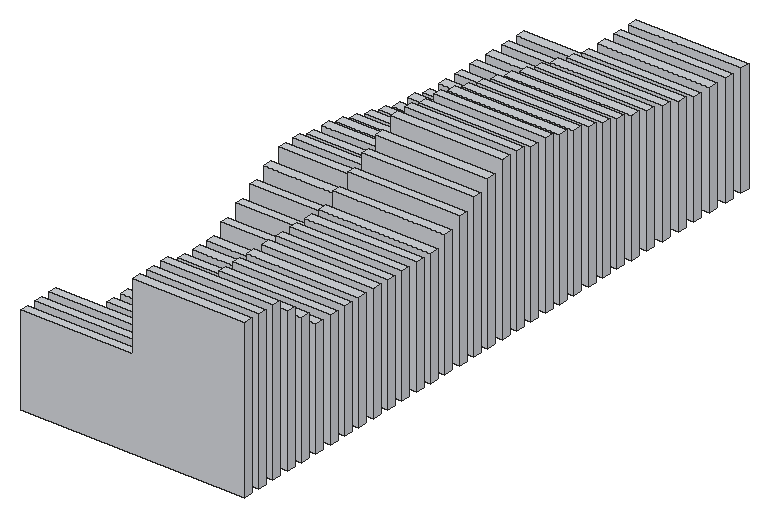
Revit family
Parameters (values of type "provaDevoto1")
  metà spessore = 20 mm
  metà larghezza = 500 mm
  VarH [instance] = 20 mm
  Materiale = Default
  HIncr4 [instance] = HIncr3 + VarH  # 720 mm
  HIncr3 [instance] = HIncr2 + VarH  # 700 mm
  HIncr2 [instance] = HIncr1 + VarH  # 680 mm
  HIncr1 [instance] = H + VarH  # 660 mm
  H4 [instance] = H3e - VarH  # 500 mm
  H3e [instance] = H3d - VarH  # 520 mm
  H3d [instance] = H3c - VarH  # 540 mm
  H3c [instance] = H3b - VarH  # 560 mm
  H [instance] = 640 mm
  Assembly Code = ""
  H3b [instance] = H3a - VarH  # 580 mm
  H2 [instance] = H - VarH  # 620 mm
  H3a [instance] = H2 - VarH  # 600 mm
Reference planes
  plane 1 "Centro (Fronte/Retro)": y = 0
  plane 2: z = 0
  plane 3 "Centro (Sinistra/Destra)": x = 0
  plane 4: y = 20
  plane 5: y = -20
  plane 6: x = -500
  plane 7: x = 500
Forms (mm)
  Sweep 1, solid
    path origin (0, 0, 0) x (1, 0, 0) y (0, 1, 0)
      loop
        line (-550, 20) -> (-550, -20)
    profile origin (-550, 0, 0) x (1, 0, 0) y (0, 0, 1)
      loop
        line (50, 0) -> (1050, 0) -> (1050, 720) -> (550, 720) -> (550, 420) -> (50, 420) -> (50, 0)
  Sweep 2, solid
    path origin (0, 240, 0) x (1, 0, 0) y (0, 1, 0)
      loop
        line (-550, 20) -> (-550, -20)
    profile origin (-550, 240, 0) x (1, 0, 0) y (0, 0, 1)
      loop
        line (50, 0) -> (1050, 0) -> (1050, 700) -> (550, 700) -> (550, 400) -> (50, 400) -> (50, 0)
  Sweep 3, solid
    path origin (0, 320, 0) x (1, 0, 0) y (0, 1, 0)
      loop
        line (-550, 20) -> (-550, -20)
    profile origin (-550, 320, 0) x (1, 0, 0) y (0, 0, 1)
      loop
        line (50, 0) -> (1050, 0) -> (1050, 680) -> (550, 680) -> (550, 380) -> (50, 380) -> (50, 0)
  Sweep 4, solid
    path origin (0, 400, 0) x (1, 0, 0) y (0, 1, 0)
      loop
        line (-550, 20) -> (-550, -20)
    profile origin (-550, 400, 0) x (1, 0, 0) y (0, 0, 1)
      loop
        line (50, 0) -> (1050, 0) -> (1050, 660) -> (550, 660) -> (550, 360) -> (50, 360) -> (50, 0)
  Sweep 5, solid
    path origin (0, 480, 0) x (1, 0, 0) y (0, 1, 0)
      loop
        line (-550, 20) -> (-550, -20)
    profile origin (-550, 480, 0) x (1, 0, 0) y (0, 0, 1)
      loop
        line (50, 0) -> (1050, 0) -> (1050, 640) -> (550, 640) -> (550, 340) -> (50, 340) -> (50, 0)
  Sweep 6, solid
    path origin (0, 560, 0) x (1, 0, 0) y (0, 1, 0)
      loop
        line (-550, 20) -> (-550, -20)
    profile origin (-550, 560, 0) x (1, 0, 0) y (0, 0, 1)
      loop
        line (50, 0) -> (1050, 0) -> (1050, 620) -> (550, 620) -> (550, 320) -> (50, 320) -> (50, 0)
  Sweep 7, solid
    path origin (0, 640, 0) x (1, 0, 0) y (0, 1, 0)
      loop
        line (-550, 20) -> (-550, -20)
    profile origin (-550, 640, 0) x (1, 0, 0) y (0, 0, 1)
      loop
        line (50, 0) -> (1050, 0) -> (1050, 600) -> (550, 600) -> (550, 300) -> (50, 300) -> (50, 0)
  Sweep 8, solid
    path origin (0, 720, 0) x (1, 0, 0) y (0, 1, 0)
      loop
        line (-550, 20) -> (-550, -20)
    profile origin (-550, 720, 0) x (1, 0, 0) y (0, 0, 1)
      loop
        line (50, 0) -> (1050, 0) -> (1050, 580) -> (550, 580) -> (550, 300) -> (50, 300) -> (50, 0)
  Sweep 9, solid
    path origin (0, 807.479, 0) x (1, 0, 0) y (0, 1, 0)
      loop
        line (-550, 20) -> (-550, -20)
    profile origin (-550, 807.479, 0) x (1, 0, 0) y (0, 0, 1)
      loop
        line (50, 0) -> (1050, 0) -> (1050, 560) -> (550, 560) -> (550, 280) -> (50, 280) -> (50, 0)
  Sweep 10, solid
    path origin (0, 894.959, 0) x (1, 0, 0) y (0, 1, 0)
      loop
        line (-550, 20) -> (-550, -20)
    profile origin (-550, 894.959, 0) x (1, 0, 0) y (0, 0, 1)
      loop
        line (50, 0) -> (1050, 0) -> (1050, 540) -> (550, 540) -> (550, 280) -> (50, 280) -> (50, 0)
  Sweep 11, solid
    path origin (0, 982.438, 0) x (1, 0, 0) y (0, 1, 0)
      loop
        line (-550, 20) -> (-550, -20)
    profile origin (-550, 982.438, 0) x (1, 0, 0) y (0, 0, 1)
      loop
        line (50, 0) -> (1050, 0) -> (1050, 520) -> (550, 520) -> (550, 280) -> (50, 280) -> (50, 0)
  Sweep 12, solid
    path origin (0, 1069.918, 0) x (1, 0, 0) y (0, 1, 0)
      loop
        line (-550, 20) -> (-550, -20)
    profile origin (-550, 1069.918, 0) x (1, 0, 0) y (0, 0, 1)
      loop
        line (50, 0) -> (1050, 0) -> (1050, 500) -> (550, 500) -> (550, 280) -> (50, 280) -> (50, 0)
  Sweep 13, solid
    path origin (0, 1157.397, 0) x (1, 0, 0) y (0, 1, 0)
      loop
        line (-550, 20) -> (-550, -20)
    profile origin (-550, 1157.397, 0) x (1, 0, 0) y (0, 0, 1)
      loop
        line (50, 0) -> (1050, 0) -> (1050, 500) -> (550, 500) -> (550, 280) -> (50, 280) -> (50, 0)
  Sweep 14, solid
    path origin (0, 1244.876, 0) x (1, 0, 0) y (0, 1, 0)
      loop
        line (-550, 20) -> (-550, -20)
    profile origin (-550, 1244.876, 0) x (1, 0, 0) y (0, 0, 1)
      loop
        line (50, 0) -> (1050, 0) -> (1050, 500) -> (550, 500) -> (550, 280) -> (50, 280) -> (50, 0)
  Sweep 15, solid
    path origin (0, 1332.356, 0) x (1, 0, 0) y (0, 1, 0)
      loop
        line (-550, 20) -> (-550, -20)
    profile origin (-550, 1332.356, 0) x (1, 0, 0) y (0, 0, 1)
      loop
        line (50, 0) -> (1050, 0) -> (1050, 500) -> (550, 500) -> (550, 280) -> (50, 280) -> (50, 0)
  Sweep 16, solid
    path origin (0, -80, 0) x (1, 0, 0) y (0, 1, 0)
      loop
        line (-550, 20) -> (-550, -20)
    profile origin (-550, -80, 0) x (1, 0, 0) y (0, 0, 1)
      loop
        line (50, 0) -> (1050, 0) -> (1050, 680) -> (550, 680) -> (550, 380) -> (50, 380) -> (50, 0)
  Sweep 17, solid
    path origin (0, -160, 0) x (1, 0, 0) y (0, 1, 0)
      loop
        line (-550, 20) -> (-550, -20)
    profile origin (-550, -160, 0) x (1, 0, 0) y (0, 0, 1)
      loop
        line (50, 0) -> (1050, 0) -> (1050, 640) -> (550, 640) -> (550, 340) -> (50, 340) -> (50, 0)
  Sweep 18, solid
    path origin (0, -240, 0) x (1, 0, 0) y (0, 1, 0)
      loop
        line (-550, 20) -> (-550, -20)
    profile origin (-550, -240, 0) x (1, 0, 0) y (0, 0, 1)
      loop
        line (50, 0) -> (1050, 0) -> (1050, 600) -> (550, 600) -> (550, 300) -> (50, 300) -> (50, 0)
  Sweep 19, solid
    path origin (0, -320, 0) x (1, 0, 0) y (0, 1, 0)
      loop
        line (-550, 20) -> (-550, -20)
    profile origin (-550, -320, 0) x (1, 0, 0) y (0, 0, 1)
      loop
        line (50, 0) -> (1050, 0) -> (1050, 560) -> (550, 560) -> (550, 260) -> (50, 260) -> (50, 0)
  Sweep 20, solid
    path origin (0, -400, 0) x (1, 0, 0) y (0, 1, 0)
      loop
        line (-550, 20) -> (-550, -20)
    profile origin (-550, -400, 0) x (1, 0, 0) y (0, 0, 1)
      loop
        line (50, 0) -> (1050, 0) -> (1050, 520) -> (550, 520) -> (550, 220) -> (50, 220) -> (50, 0)
  Sweep 21, solid
    path origin (0, -480, 0) x (1, 0, 0) y (0, 1, 0)
      loop
        line (-550, 20) -> (-550, -20)
    profile origin (-550, -480, 0) x (1, 0, 0) y (0, 0, 1)
      loop
        line (50, 0) -> (1050, 0) -> (1050, 520) -> (550, 520) -> (550, 220) -> (50, 220) -> (50, 0)
  Sweep 22, solid
    path origin (0, -560, 0) x (1, 0, 0) y (0, 1, 0)
      loop
        line (-550, 20) -> (-550, -20)
    profile origin (-550, -560, 0) x (1, 0, 0) y (0, 0, 1)
      loop
        line (50, 0) -> (1050, 0) -> (1050, 520) -> (550, 520) -> (550, 220) -> (50, 220) -> (50, 0)
  Sweep 23, solid
    path origin (0, -640, 0) x (1, 0, 0) y (0, 1, 0)
      loop
        line (-550, 20) -> (-550, -20)
    profile origin (-550, -640, 0) x (1, 0, 0) y (0, 0, 1)
      loop
        line (50, 0) -> (1050, 0) -> (1050, 520) -> (550, 520) -> (550, 220) -> (50, 220) -> (50, 0)
  Sweep 24, solid
    path origin (0, -720, 0) x (1, 0, 0) y (0, 1, 0)
      loop
        line (-550, 20) -> (-550, -20)
    profile origin (-550, -720, 0) x (1, 0, 0) y (0, 0, 1)
      loop
        line (50, 0) -> (1050, 0) -> (1050, 520) -> (550, 520) -> (550, 220) -> (50, 220) -> (50, 0)
  Sweep 25, solid
    path origin (0, -800, 0) x (1, 0, 0) y (0, 1, 0)
      loop
        line (-550, 20) -> (-550, -20)
    profile origin (-550, -800, 0) x (1, 0, 0) y (0, 0, 1)
      loop
        line (50, 0) -> (1050, 0) -> (1050, 520) -> (550, 520) -> (550, 220) -> (50, 220) -> (50, 0)
  Sweep 26, solid
    path origin (0, -880, 0) x (1, 0, 0) y (0, 1, 0)
      loop
        line (-550, 20) -> (-550, -20)
    profile origin (-550, -880, 0) x (1, 0, 0) y (0, 0, 1)
      loop
        line (50, 0) -> (1050, 0) -> (1050, 520) -> (550, 520) -> (550, 220) -> (50, 220) -> (50, 0)
  Sweep 27, solid
    path origin (0, -960, 0) x (1, 0, 0) y (0, 1, 0)
      loop
        line (-550, 20) -> (-550, -20)
    profile origin (-550, -960, 0) x (1, 0, 0) y (0, 0, 1)
      loop
        line (50, 0) -> (1050, 0) -> (1050, 520) -> (550, 520) -> (550, 220) -> (50, 220) -> (50, 0)
  Sweep 28, solid
    path origin (0, -1040, 0) x (1, 0, 0) y (0, 1, 0)
      loop
        line (-550, 20) -> (-550, -20)
    profile origin (-550, -1040, 0) x (1, 0, 0) y (0, 0, 1)
      loop
        line (50, 0) -> (1050, 0) -> (1050, 520) -> (550, 520) -> (550, 220) -> (50, 220) -> (50, 0)
  Sweep 29, solid
    path origin (0, -1120, 0) x (1, 0, 0) y (0, 1, 0)
      loop
        line (-550, 20) -> (-550, -20)
    profile origin (-550, -1120, 0) x (1, 0, 0) y (0, 0, 1)
      loop
        line (50, 0) -> (1050, 0) -> (1050, 580) -> (550, 580) -> (550, 280) -> (50, 280) -> (50, 0)
  Sweep 30, solid
    path origin (0, -1200, 0) x (1, 0, 0) y (0, 1, 0)
      loop
        line (-550, 20) -> (-550, -20)
    profile origin (-550, -1200, 0) x (1, 0, 0) y (0, 0, 1)
      loop
        line (50, 0) -> (1050, 0) -> (1050, 640) -> (550, 640) -> (550, 340) -> (50, 340) -> (50, 0)
  Sweep 31, solid
    path origin (0, -1280, 0) x (1, 0, 0) y (0, 1, 0)
      loop
        line (-550, 20) -> (-550, -20)
    profile origin (-550, -1280, 0) x (1, 0, 0) y (0, 0, 1)
      loop
        line (50, 0) -> (1050, 0) -> (1050, 700) -> (550, 700) -> (550, 400) -> (50, 400) -> (50, 0)
  Sweep 32, solid
    path origin (0, 80, 0) x (1, 0, 0) y (0, 1, 0)
      loop
        line (-550, 20) -> (-550, -20)
    profile origin (-550, 80, 0) x (1, 0, 0) y (0, 0, 1)
      loop
        line (50, 0) -> (1050, 0) -> (1050, 720) -> (550, 720) -> (550, 420) -> (50, 420) -> (50, 0)
  Sweep 33, solid
    path origin (0, 160, 0) x (1, 0, 0) y (0, 1, 0)
      loop
        line (-550, 20) -> (-550, -20)
    profile origin (-550, 160, 0) x (1, 0, 0) y (0, 0, 1)
      loop
        line (50, 0) -> (1050, 0) -> (1050, 700) -> (550, 700) -> (550, 400) -> (50, 400) -> (50, 0)
  Sweep 34, solid
    path origin (0, -1360, 0) x (1, 0, 0) y (0, 1, 0)
      loop
        line (-550, 20) -> (-550, -20)
    profile origin (-550, -1360, 0) x (1, 0, 0) y (0, 0, 1)
      loop
        line (50, 0) -> (1050, 0) -> (1050, 700) -> (550, 700) -> (550, 400) -> (50, 400) -> (50, 0)
  Sweep 35, solid
    path origin (0, -1440, 0) x (1, 0, 0) y (0, 1, 0)
      loop
        line (-550, 20) -> (-550, -20)
    profile origin (-550, -1440, 0) x (1, 0, 0) y (0, 0, 1)
      loop
        line (50, 0) -> (1050, 0) -> (1050, 700) -> (550, 700) -> (550, 400) -> (50, 400) -> (50, 0)
Dimensions and locks
  "metà spessore": plane 1 "Centro (Fronte/Retro)" to plane 4
  "metà spessore": plane 5 to plane 1 "Centro (Fronte/Retro)"
  "metà larghezza": plane 6 to plane 3 "Centro (Sinistra/Destra)"
  "metà larghezza": plane 3 "Centro (Sinistra/Destra)" to plane 7
  "HIncr4": Sweep 1 to Sweep 1
  "HIncr3": Sweep 2 to Sweep 2
  "HIncr2": Sweep 3 to Sweep 3
  "HIncr1": Sweep 4 to Sweep 4
  "H": Sweep 5 to Sweep 5
  "H2": Sweep 6 to Sweep 6
  "H3a": Sweep 7 to Sweep 7
  "H3b": Sweep 8 to Sweep 8
  "H3c": Sweep 9 to Sweep 9
  "H3d": Sweep 10 to Sweep 10
  "H3e": Sweep 11 to Sweep 11
  "H4": Sweep 12 to Sweep 12
  "H4": Sweep 13 to Sweep 13
  "H4": Sweep 14 to Sweep 14
  "H4": Sweep 15 to Sweep 15
  "HIncr2": Sweep 16 to Sweep 16
  "H": Sweep 17 to Sweep 17
  "H3a": Sweep 18 to Sweep 18
  "H3c": Sweep 19 to Sweep 19
  "H3e": Sweep 20 to Sweep 20
  "H3e": Sweep 21 to Sweep 21
  "H3e": Sweep 22 to Sweep 22
  "H3e": Sweep 23 to Sweep 23
  "H3e": Sweep 24 to Sweep 24
  "H3e": Sweep 25 to Sweep 25
  "H3e": Sweep 26 to Sweep 26
  "H3e": Sweep 27 to Sweep 27
  "H3e": Sweep 28 to Sweep 28
  "H3b": Sweep 29 to Sweep 29
  "H": Sweep 30 to Sweep 30
  "HIncr3": Sweep 31 to Sweep 31
  "HIncr4": Sweep 32 to Sweep 32
  "HIncr3": Sweep 33 to Sweep 33
  "HIncr3": Sweep 34 to Sweep 34
  "HIncr3": Sweep 35 to Sweep 35
Automatic sketch dimensions
  Sweep 1 sketch curve to plane 5 = 0 mm
  Sweep 1 sketch curve to plane 4 = 0 mm
  Sweep 1 sketch curve to plane 6 = 50 mm
  Sweep 1 sketch curve to profile plane = 0 mm
  Sweep 1 sketch curve to profile plane = 50 mm
  Sweep 1 sketch curve to profile plane = 550 mm
  Sweep 1 sketch curve to Sweep 1 sketch curve = 500 mm
  profile plane to Sweep 1 sketch curve = 420 mm
  Sweep 1 sketch curve to Sweep 1 sketch curve = 300 mm
  Sweep 2 sketch curve to plane 6 = 50 mm
  plane 4 to Sweep 2 sketch curve = 200 mm
  Sweep 2 sketch curve to Sweep 2 sketch curve = 40 mm
  Sweep 2 sketch curve to profile plane = 0 mm
  Sweep 2 sketch curve to profile plane = 50 mm
  Sweep 2 sketch curve to profile plane = 550 mm
  Sweep 2 sketch curve to Sweep 2 sketch curve = 500 mm
  profile plane to Sweep 2 sketch curve = 400 mm
  Sweep 2 sketch curve to Sweep 2 sketch curve = 300 mm
  Sweep 3 sketch curve to plane 6 = 50 mm
  plane 4 to Sweep 3 sketch curve = 280 mm
  Sweep 3 sketch curve to Sweep 3 sketch curve = 40 mm
  Sweep 3 sketch curve to profile plane = 0 mm
  Sweep 3 sketch curve to profile plane = 50 mm
  Sweep 3 sketch curve to profile plane = 550 mm
  Sweep 3 sketch curve to Sweep 3 sketch curve = 500 mm
  profile plane to Sweep 3 sketch curve = 380 mm
  Sweep 3 sketch curve to Sweep 3 sketch curve = 300 mm
  Sweep 4 sketch curve to plane 6 = 50 mm
  plane 4 to Sweep 4 sketch curve = 360 mm
  Sweep 4 sketch curve to Sweep 4 sketch curve = 40 mm
  Sweep 4 sketch curve to profile plane = 0 mm
  Sweep 4 sketch curve to profile plane = 50 mm
  Sweep 4 sketch curve to profile plane = 550 mm
  Sweep 4 sketch curve to Sweep 4 sketch curve = 500 mm
  profile plane to Sweep 4 sketch curve = 360 mm
  Sweep 4 sketch curve to Sweep 4 sketch curve = 300 mm
  Sweep 5 sketch curve to plane 6 = 50 mm
  plane 4 to Sweep 5 sketch curve = 440 mm
  Sweep 5 sketch curve to Sweep 5 sketch curve = 40 mm
  Sweep 5 sketch curve to profile plane = 0 mm
  Sweep 5 sketch curve to profile plane = 50 mm
  Sweep 5 sketch curve to profile plane = 550 mm
  Sweep 5 sketch curve to Sweep 5 sketch curve = 500 mm
  profile plane to Sweep 5 sketch curve = 340 mm
  Sweep 5 sketch curve to Sweep 5 sketch curve = 300 mm
  Sweep 6 sketch curve to plane 6 = 50 mm
  plane 4 to Sweep 6 sketch curve = 520 mm
  Sweep 6 sketch curve to Sweep 6 sketch curve = 40 mm
  Sweep 6 sketch curve to profile plane = 0 mm
  Sweep 6 sketch curve to profile plane = 50 mm
  Sweep 6 sketch curve to profile plane = 550 mm
  Sweep 6 sketch curve to Sweep 6 sketch curve = 500 mm
  profile plane to Sweep 6 sketch curve = 320 mm
  Sweep 6 sketch curve to Sweep 6 sketch curve = 300 mm
  Sweep 7 sketch curve to plane 6 = 50 mm
  plane 4 to Sweep 7 sketch curve = 600 mm
  Sweep 7 sketch curve to Sweep 7 sketch curve = 40 mm
  Sweep 7 sketch curve to profile plane = 0 mm
  Sweep 7 sketch curve to profile plane = 50 mm
  Sweep 7 sketch curve to profile plane = 550 mm
  Sweep 7 sketch curve to Sweep 7 sketch curve = 500 mm
  profile plane to Sweep 7 sketch curve = 300 mm
  Sweep 7 sketch curve to Sweep 7 sketch curve = 300 mm
  Sweep 8 sketch curve to plane 6 = 50 mm
  plane 4 to Sweep 8 sketch curve = 680 mm
  Sweep 8 sketch curve to Sweep 8 sketch curve = 40 mm
  Sweep 8 sketch curve to profile plane = 0 mm
  Sweep 8 sketch curve to profile plane = 50 mm
  Sweep 8 sketch curve to profile plane = 550 mm
  Sweep 8 sketch curve to Sweep 8 sketch curve = 500 mm
  profile plane to Sweep 8 sketch curve = 300 mm
  Sweep 8 sketch curve to Sweep 8 sketch curve = 280 mm
  Sweep 9 sketch curve to plane 6 = 50 mm
  plane 4 to Sweep 9 sketch curve = 767.479 mm
  Sweep 9 sketch curve to Sweep 9 sketch curve = 40 mm
  Sweep 9 sketch curve to profile plane = 0 mm
  Sweep 9 sketch curve to profile plane = 50 mm
  Sweep 9 sketch curve to profile plane = 550 mm
  Sweep 9 sketch curve to Sweep 9 sketch curve = 500 mm
  profile plane to Sweep 9 sketch curve = 280 mm
  profile plane to Sweep 9 sketch curve = 560 mm
  Sweep 10 sketch curve to plane 6 = 50 mm
  plane 4 to Sweep 10 sketch curve = 854.959 mm
  Sweep 10 sketch curve to Sweep 10 sketch curve = 40 mm
  Sweep 10 sketch curve to profile plane = 0 mm
  Sweep 10 sketch curve to profile plane = 50 mm
  Sweep 10 sketch curve to profile plane = 550 mm
  Sweep 10 sketch curve to Sweep 10 sketch curve = 500 mm
  profile plane to Sweep 10 sketch curve = 280 mm
  profile plane to Sweep 10 sketch curve = 540 mm
  Sweep 11 sketch curve to plane 6 = 50 mm
  plane 4 to Sweep 11 sketch curve = 942.438 mm
  Sweep 11 sketch curve to Sweep 11 sketch curve = 40 mm
  Sweep 11 sketch curve to profile plane = 0 mm
  Sweep 11 sketch curve to profile plane = 50 mm
  Sweep 11 sketch curve to profile plane = 550 mm
  Sweep 11 sketch curve to Sweep 11 sketch curve = 500 mm
  profile plane to Sweep 11 sketch curve = 280 mm
  profile plane to Sweep 11 sketch curve = 520 mm
  Sweep 12 sketch curve to plane 6 = 50 mm
  plane 4 to Sweep 12 sketch curve = 1029.918 mm
  Sweep 12 sketch curve to Sweep 12 sketch curve = 40 mm
  Sweep 12 sketch curve to profile plane = 0 mm
  Sweep 12 sketch curve to profile plane = 50 mm
  Sweep 12 sketch curve to Sweep 12 sketch curve = 500 mm  (x2)
  profile plane to Sweep 12 sketch curve = 280 mm
  profile plane to Sweep 12 sketch curve = 500 mm
  Sweep 13 sketch curve to plane 6 = 50 mm
  plane 4 to Sweep 13 sketch curve = 1117.397 mm
  Sweep 13 sketch curve to Sweep 13 sketch curve = 40 mm
  Sweep 13 sketch curve to profile plane = 0 mm
  Sweep 13 sketch curve to profile plane = 50 mm
  Sweep 13 sketch curve to Sweep 13 sketch curve = 500 mm  (x2)
  profile plane to Sweep 13 sketch curve = 280 mm
  profile plane to Sweep 13 sketch curve = 500 mm
  Sweep 14 sketch curve to plane 6 = 50 mm
  plane 4 to Sweep 14 sketch curve = 1204.876 mm
  Sweep 14 sketch curve to Sweep 14 sketch curve = 40 mm
  Sweep 14 sketch curve to profile plane = 0 mm
  Sweep 14 sketch curve to profile plane = 50 mm
  Sweep 14 sketch curve to Sweep 14 sketch curve = 500 mm  (x3)
  profile plane to Sweep 14 sketch curve = 280 mm
  Sweep 15 sketch curve to plane 6 = 50 mm
  plane 4 to Sweep 15 sketch curve = 1292.356 mm
  Sweep 15 sketch curve to Sweep 15 sketch curve = 40 mm
  Sweep 15 sketch curve to profile plane = 0 mm
  Sweep 15 sketch curve to profile plane = 50 mm
  Sweep 15 sketch curve to Sweep 15 sketch curve = 500 mm  (x2)
  profile plane to Sweep 15 sketch curve = 280 mm
  profile plane to Sweep 15 sketch curve = 500 mm
  Sweep 16 sketch curve to plane 6 = 50 mm
  Sweep 16 sketch curve to plane 5 = 80 mm
  Sweep 16 sketch curve to Sweep 16 sketch curve = 40 mm
  Sweep 16 sketch curve to profile plane = 0 mm
  Sweep 16 sketch curve to profile plane = 50 mm
  Sweep 16 sketch curve to profile plane = 550 mm
  Sweep 16 sketch curve to Sweep 16 sketch curve = 500 mm
  profile plane to Sweep 16 sketch curve = 380 mm
  Sweep 16 sketch curve to Sweep 16 sketch curve = 300 mm
  Sweep 17 sketch curve to plane 6 = 50 mm
  Sweep 17 sketch curve to plane 5 = 160 mm
  Sweep 17 sketch curve to Sweep 17 sketch curve = 40 mm
  Sweep 17 sketch curve to profile plane = 0 mm
  Sweep 17 sketch curve to profile plane = 50 mm
  Sweep 17 sketch curve to profile plane = 550 mm
  Sweep 17 sketch curve to Sweep 17 sketch curve = 500 mm
  profile plane to Sweep 17 sketch curve = 340 mm
  Sweep 17 sketch curve to Sweep 17 sketch curve = 300 mm
  Sweep 18 sketch curve to plane 6 = 50 mm
  Sweep 18 sketch curve to plane 5 = 240 mm
  Sweep 18 sketch curve to Sweep 18 sketch curve = 40 mm
  Sweep 18 sketch curve to profile plane = 0 mm
  Sweep 18 sketch curve to profile plane = 50 mm
  Sweep 18 sketch curve to profile plane = 550 mm
  Sweep 18 sketch curve to Sweep 18 sketch curve = 500 mm
  profile plane to Sweep 18 sketch curve = 300 mm
  Sweep 18 sketch curve to Sweep 18 sketch curve = 300 mm
  Sweep 19 sketch curve to plane 6 = 50 mm
  Sweep 19 sketch curve to plane 5 = 320 mm
  Sweep 19 sketch curve to Sweep 19 sketch curve = 40 mm
  Sweep 19 sketch curve to profile plane = 0 mm
  Sweep 19 sketch curve to profile plane = 50 mm
  Sweep 19 sketch curve to profile plane = 550 mm
  Sweep 19 sketch curve to Sweep 19 sketch curve = 500 mm
  profile plane to Sweep 19 sketch curve = 260 mm
  profile plane to Sweep 19 sketch curve = 560 mm
  Sweep 20 sketch curve to plane 6 = 50 mm
  Sweep 20 sketch curve to plane 5 = 400 mm
  Sweep 20 sketch curve to Sweep 20 sketch curve = 40 mm
  Sweep 20 sketch curve to profile plane = 0 mm
  Sweep 20 sketch curve to profile plane = 50 mm
  Sweep 20 sketch curve to profile plane = 550 mm
  Sweep 20 sketch curve to Sweep 20 sketch curve = 500 mm
  profile plane to Sweep 20 sketch curve = 220 mm
  profile plane to Sweep 20 sketch curve = 520 mm
  Sweep 21 sketch curve to plane 6 = 50 mm
  Sweep 21 sketch curve to plane 5 = 480 mm
  Sweep 21 sketch curve to Sweep 21 sketch curve = 40 mm
  Sweep 21 sketch curve to profile plane = 0 mm
  Sweep 21 sketch curve to profile plane = 50 mm
  Sweep 21 sketch curve to profile plane = 550 mm
  Sweep 21 sketch curve to Sweep 21 sketch curve = 500 mm
  profile plane to Sweep 21 sketch curve = 220 mm
  profile plane to Sweep 21 sketch curve = 520 mm
  Sweep 22 sketch curve to plane 6 = 50 mm
  Sweep 22 sketch curve to plane 5 = 560 mm
  Sweep 22 sketch curve to Sweep 22 sketch curve = 40 mm
  Sweep 22 sketch curve to profile plane = 0 mm
  Sweep 22 sketch curve to profile plane = 50 mm
  Sweep 22 sketch curve to profile plane = 550 mm
  Sweep 22 sketch curve to Sweep 22 sketch curve = 500 mm
  profile plane to Sweep 22 sketch curve = 220 mm
  profile plane to Sweep 22 sketch curve = 520 mm
  Sweep 23 sketch curve to plane 6 = 50 mm
  Sweep 23 sketch curve to plane 5 = 640 mm
  Sweep 23 sketch curve to Sweep 23 sketch curve = 40 mm
  Sweep 23 sketch curve to profile plane = 0 mm
  Sweep 23 sketch curve to profile plane = 50 mm
  Sweep 23 sketch curve to profile plane = 550 mm
  Sweep 23 sketch curve to Sweep 23 sketch curve = 500 mm
  profile plane to Sweep 23 sketch curve = 220 mm
  profile plane to Sweep 23 sketch curve = 520 mm
  Sweep 24 sketch curve to plane 6 = 50 mm
  Sweep 24 sketch curve to plane 5 = 720 mm
  Sweep 24 sketch curve to Sweep 24 sketch curve = 40 mm
  Sweep 24 sketch curve to profile plane = 0 mm
  Sweep 24 sketch curve to profile plane = 50 mm
  Sweep 24 sketch curve to profile plane = 550 mm
  Sweep 24 sketch curve to Sweep 24 sketch curve = 500 mm
  Sweep 24 sketch curve to Sweep 24 sketch curve = 220 mm
  Sweep 24 sketch curve to Sweep 24 sketch curve = 520 mm
  Sweep 25 sketch curve to plane 6 = 50 mm
  Sweep 25 sketch curve to plane 5 = 800 mm
  Sweep 25 sketch curve to Sweep 25 sketch curve = 40 mm
  Sweep 25 sketch curve to profile plane = 0 mm
  Sweep 25 sketch curve to profile plane = 50 mm
  Sweep 25 sketch curve to profile plane = 550 mm
  Sweep 25 sketch curve to Sweep 25 sketch curve = 500 mm
  profile plane to Sweep 25 sketch curve = 220 mm
  profile plane to Sweep 25 sketch curve = 520 mm
  Sweep 26 sketch curve to plane 6 = 50 mm
  Sweep 26 sketch curve to plane 5 = 880 mm
  Sweep 26 sketch curve to Sweep 26 sketch curve = 40 mm
  Sweep 26 sketch curve to profile plane = 0 mm
  Sweep 26 sketch curve to profile plane = 50 mm
  Sweep 26 sketch curve to profile plane = 550 mm
  Sweep 26 sketch curve to Sweep 26 sketch curve = 500 mm
  profile plane to Sweep 26 sketch curve = 220 mm
  profile plane to Sweep 26 sketch curve = 520 mm
  Sweep 27 sketch curve to plane 6 = 50 mm
  Sweep 27 sketch curve to plane 5 = 960 mm
  Sweep 27 sketch curve to Sweep 27 sketch curve = 40 mm
  Sweep 27 sketch curve to profile plane = 0 mm
  Sweep 27 sketch curve to profile plane = 50 mm
  Sweep 27 sketch curve to profile plane = 550 mm
  Sweep 27 sketch curve to Sweep 27 sketch curve = 500 mm
  profile plane to Sweep 27 sketch curve = 220 mm
  profile plane to Sweep 27 sketch curve = 520 mm
  Sweep 28 sketch curve to plane 6 = 50 mm
  Sweep 28 sketch curve to plane 5 = 1040 mm
  Sweep 28 sketch curve to Sweep 28 sketch curve = 40 mm
  Sweep 28 sketch curve to profile plane = 0 mm
  Sweep 28 sketch curve to profile plane = 50 mm
  Sweep 28 sketch curve to profile plane = 550 mm
  Sweep 28 sketch curve to Sweep 28 sketch curve = 500 mm
  profile plane to Sweep 28 sketch curve = 220 mm
  profile plane to Sweep 28 sketch curve = 520 mm
  Sweep 29 sketch curve to plane 6 = 50 mm
  Sweep 29 sketch curve to plane 5 = 1120 mm
  Sweep 29 sketch curve to Sweep 29 sketch curve = 40 mm
  Sweep 29 sketch curve to profile plane = 0 mm
  Sweep 29 sketch curve to profile plane = 50 mm
  Sweep 29 sketch curve to profile plane = 550 mm
  Sweep 29 sketch curve to Sweep 29 sketch curve = 500 mm
  profile plane to Sweep 29 sketch curve = 280 mm
  profile plane to Sweep 29 sketch curve = 580 mm
  Sweep 30 sketch curve to plane 6 = 50 mm
  Sweep 30 sketch curve to plane 5 = 1200 mm
  Sweep 30 sketch curve to Sweep 30 sketch curve = 40 mm
  Sweep 30 sketch curve to profile plane = 0 mm
  Sweep 30 sketch curve to profile plane = 50 mm
  Sweep 30 sketch curve to profile plane = 550 mm
  Sweep 30 sketch curve to Sweep 30 sketch curve = 500 mm
  profile plane to Sweep 30 sketch curve = 340 mm
  Sweep 30 sketch curve to Sweep 30 sketch curve = 300 mm
  Sweep 31 sketch curve to plane 6 = 50 mm
  Sweep 31 sketch curve to plane 5 = 1280 mm
  Sweep 31 sketch curve to Sweep 31 sketch curve = 40 mm
  Sweep 31 sketch curve to profile plane = 0 mm
  Sweep 31 sketch curve to profile plane = 50 mm
  Sweep 31 sketch curve to profile plane = 550 mm
  Sweep 31 sketch curve to Sweep 31 sketch curve = 500 mm
  profile plane to Sweep 31 sketch curve = 400 mm
  Sweep 31 sketch curve to Sweep 31 sketch curve = 300 mm
  Sweep 32 sketch curve to plane 6 = 50 mm
  plane 4 to Sweep 32 sketch curve = 40 mm
  Sweep 32 sketch curve to Sweep 32 sketch curve = 40 mm
  Sweep 32 sketch curve to profile plane = 0 mm
  Sweep 32 sketch curve to profile plane = 50 mm
  Sweep 32 sketch curve to profile plane = 550 mm
  Sweep 32 sketch curve to Sweep 32 sketch curve = 500 mm
  profile plane to Sweep 32 sketch curve = 420 mm
  Sweep 32 sketch curve to Sweep 32 sketch curve = 300 mm
  Sweep 33 sketch curve to plane 6 = 50 mm
  plane 4 to Sweep 33 sketch curve = 120 mm
  Sweep 33 sketch curve to Sweep 33 sketch curve = 40 mm
  Sweep 33 sketch curve to profile plane = 0 mm
  Sweep 33 sketch curve to profile plane = 50 mm
  Sweep 33 sketch curve to profile plane = 550 mm
  Sweep 33 sketch curve to Sweep 33 sketch curve = 500 mm
  profile plane to Sweep 33 sketch curve = 400 mm
  Sweep 33 sketch curve to Sweep 33 sketch curve = 300 mm
  Sweep 34 sketch curve to plane 6 = 50 mm
  Sweep 34 sketch curve to plane 5 = 1360 mm
  Sweep 34 sketch curve to Sweep 34 sketch curve = 40 mm
  Sweep 34 sketch curve to profile plane = 0 mm
  Sweep 34 sketch curve to profile plane = 50 mm
  Sweep 34 sketch curve to profile plane = 550 mm
  Sweep 34 sketch curve to Sweep 34 sketch curve = 500 mm
  Sweep 34 sketch curve to Sweep 34 sketch curve = 400 mm
  Sweep 34 sketch curve to Sweep 34 sketch curve = 300 mm
  Sweep 35 sketch curve to plane 6 = 50 mm
  Sweep 35 sketch curve to plane 5 = 1440 mm
  Sweep 35 sketch curve to Sweep 35 sketch curve = 40 mm
  Sweep 35 sketch curve to profile plane = 0 mm
  Sweep 35 sketch curve to profile plane = 50 mm
  Sweep 35 sketch curve to profile plane = 550 mm
  Sweep 35 sketch curve to Sweep 35 sketch curve = 500 mm
  Sweep 35 sketch curve to Sweep 35 sketch curve = 400 mm
  Sweep 35 sketch curve to Sweep 35 sketch curve = 300 mm
